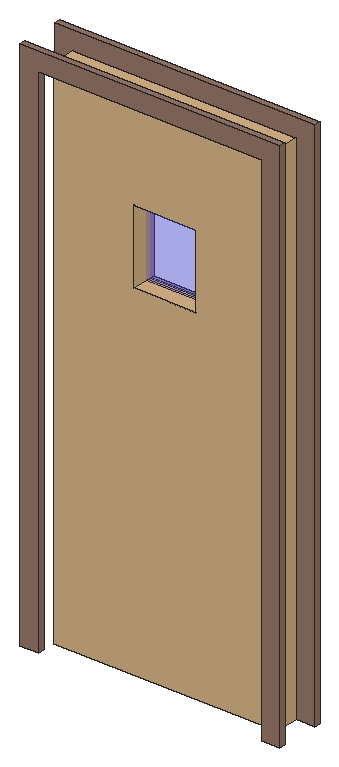
Revit family
Parameters (values of type "0915 x 2134mm")
  Thickness = 100.00 mm
  Door Material = Door - Panel
  Frame Material = Door - Frame
  Height = 2134.00 mm
  Trim Projection = 25.00 mm
  Trim Width Ext. = 76.00 mm
  Trim Width Int. = 76.00 mm
  Wall Closure = (empty or 0)
  Width = 915.00 mm
Types (8, lengths in mm): name | Height | Width
  0915 x 2134mm | 2134.00 | 915.00
  0864 x 2134mm | 2134.00 | 864.00
  0813 x 2134mm | 2134.00 | 813.00
  0762 x 2134mm | 2134.00 | 762.00
  0762 x 2032mm | 2032.00 | 762.00
  0915 x 2032mm | 2032.00 | 915.00
  0864 x 2032mm | 2032.00 | 864.00
  0610 x 2083mm | 2083.00 | 610.00
Reference planes
  plane 1: y = 0
  plane 2: z = 0
  plane 3: x = 0
  plane 4: x = -457.5
  plane 5: x = 457.5
  plane 6: z = 2134
  plane 7: x = -127
  plane 8: x = 127
  plane 9: z = 1727.2
  plane 10: z = 1422.4
Forms (mm)
  Extrusion 1, solid, material "Door - Panel" <- "Door Material"
    sketch origin (-1524, -76.2, 0) x (1, 0, 0) y (0, 0, 1)
      loop
        line (1981.5, 2134) -> (1066.5, 2134) -> (1066.5, 0) -> (1981.5, 0) -> (1981.5, 2134)
      loop
        line (1651, 1727.2) -> (1397, 1727.2) -> (1397, 1422.4) -> (1651, 1422.4) -> (1651, 1727.2)
    from -152.4 to -52.4
  Extrusion 2, solid, material "Glass"
    sketch origin (-1524, -23.8, 0) x (1, 0, 0) y (0, 0, 1)
      loop
        line (1651, 1727.2) -> (1397, 1727.2) -> (1397, 1422.4) -> (1651, 1422.4) -> (1651, 1727.2)
    from -87.3 to -80.95
  Extrusion 3, solid, material "Glass"
    sketch origin (-1524, -23.8, 0) x (1, 0, 0) y (0, 0, 1)
      loop
        line (1397, 1727.2) -> (1397, 1422.4) -> (1651, 1422.4) -> (1651, 1727.2) -> (1397, 1727.2)
    from -68.25 to -61.9
  Extrusion 4, solid, material "Door - Frame" <- "Frame Material"
    sketch origin (-1524, -76.2, 0) x (1, 0, 0) y (0, 0, 1)
      loop
        line (1066.5, 2134) -> (1981.5, 2134) -> (1981.5, 0) -> (2057.5, 0) -> (2057.5, 2210) -> (990.5, 2210) -> (990.5, 0) -> (1066.5, 0) -> (1066.5, 2134)
    from 0 to 25
  Extrusion 5, solid, material "Door - Frame" <- "Frame Material"
    sketch origin (-1524, 76.2, 0) x (-1, 0, 0) y (0, 0, 1)
      loop
        line (-2057.5, 2210) -> (-2057.5, 0) -> (-1981.5, 0) -> (-1981.5, 2134) -> (-1066.5, 2134) -> (-1066.5, 0) -> (-990.5, 0) -> (-990.5, 2210) -> (-2057.5, 2210)
    from 0.4 to 25.4
Lines and regions (mm)
  Opening 1
    outline origin (-1524, -76.2, 3657.6) x (0, 0, -1) y (1, 0, 0)
      loop
        line (1523.6, 1066.5) -> (3657.6, 1066.5) -> (3657.6, 1981.5) -> (1523.6, 1981.5) -> (1523.6, 1066.5)
  symbolic lines, style "Plan Swing"
    curve 1: arc (457.5, 991.2, 0) -> (-189.503, 723.203, 0) -> (-457.5, 76.2, 0) r 915
  symbolic lines, style "DoorsPanelProjection"
    curve 2: line (457.5, 76.2, 0) -> (357.5, 76.2, 0)
    curve 3: line (457.5, 76.2, 0) -> (457.5, 991.2, 0)
    curve 4: line (457.5, 991.2, 0) -> (357.5, 991.2, 0)
    curve 5: line (357.5, 76.2, 0) -> (357.5, 991.2, 0)
  symbolic lines, style "Elevation Swing"
    curve 6: line (-457.5, 0, 2134) -> (457.5, 0, 1067)
    curve 7: line (457.5, 0, 1067) -> (-457.5, 0, 0)
Dimensions and locks
  equal spacing: plane 4, plane 3, plane 5
  "Width": plane 4 to plane 5
  host wall to curve 1 = 0.00 mm
  "Height": plane 6 to plane 2
  locked: plane 10 to host wall at 1422.4
  locked: plane 9 to plane 10 at 304.8
  equal spacing: plane 7, plane 3, plane 8, locked at 127 each
  Extrusion 1 to Extrusion 2 to Extrusion 2 to Extrusion 3 to Extrusion 3 = 12.70 mm locked, 6.35 mm locked, 12.70 mm locked, 6.35 mm locked
  "Thickness": Extrusion 1 to Extrusion 1
  "Trim Projection": Extrusion 4 to Extrusion 4
  "Trim Projection": Extrusion 5 to Extrusion 5
  "Trim Width Int.": Extrusion 5 sketch curve to plane 4
  "Trim Width Int.": plane 5 to Extrusion 5 sketch curve
  "Trim Width Int.": plane 6 to Extrusion 5 sketch curve
  "Trim Width Ext.": plane 5 to Extrusion 4 sketch curve
  "Trim Width Ext.": Extrusion 4 sketch curve to plane 4
  "Trim Width Ext.": Extrusion 4 sketch curve to plane 6
  "Thickness": curve 5 to curve 3
  locked: plane 7 to plane 8 at 254
  equal spacing: plane 6, curve 7, level
  aligned and locked: plane 5 to Extrusion 1 sketch curve
  aligned and locked: Extrusion 1 sketch curve to plane 6
  aligned and locked: plane 4 to Extrusion 1 sketch curve
  aligned and locked: plane 8 to Extrusion 1 sketch curve
  aligned and locked: Extrusion 1 sketch curve to plane 9
  aligned and locked: plane 10 to Extrusion 1 sketch curve
  aligned and locked: plane 7 to Extrusion 1 sketch curve
  aligned and locked: Extrusion 2 sketch curve to Extrusion 1  (x4)
  aligned and locked: plane 7 to Extrusion 3 sketch curve
  aligned and locked: plane 9 to Extrusion 3 sketch curve
  aligned and locked: Extrusion 3 sketch curve to Extrusion 1  (x2)
  aligned and locked: host wall to Extrusion 1
  aligned and locked: Extrusion 4 to host wall
Automatic sketch dimensions
  Opening 1 sketch curve to plane 6 = 0.00 mm
  Opening 1 sketch curve to level = 0.00 mm
  Opening 1 sketch curve to plane 4 = 0.00 mm
  Opening 1 sketch curve to plane 5 = 0.00 mm
  curve 1 to plane 4 = 0.00 mm
  curve 3 to plane 5 = 0.00 mm
  curve 3 to curve 1 = 0.00 mm
  Extrusion 4 sketch curve to level = 0.00 mm  (x2)
  Extrusion 4 sketch curve to plane 4 = 0.00 mm
  Extrusion 4 sketch curve to plane 5 = 0.00 mm
  Extrusion 4 sketch curve to plane 6 = 0.00 mm
  Extrusion 5 sketch curve to level = 0.00 mm  (x2)
  Extrusion 5 sketch curve to plane 5 = 0.00 mm
  Extrusion 5 sketch curve to plane 4 = 0.00 mm
  Extrusion 5 sketch curve to plane 6 = 0.00 mm
  curve 6 to plane 4 = 0.00 mm
  curve 6 to plane 6 = 0.00 mm
  curve 6 to plane 5 = 0.00 mm
  curve 7 to level = 0.00 mm
  curve 7 to plane 4 = 0.00 mm
